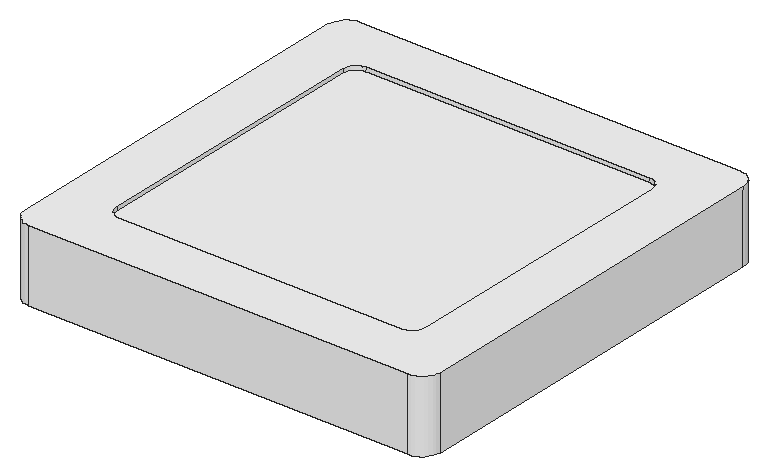
Revit family "0053319 Feilo Sylvania Lighting Fixture SYLFLAT SURFACE DIM 1400 SQ 3000K", category Lighting Fixtures, host Face, Revit 2016
Family settings
  Host = Face
  Part Type = Normal
  Round Connector Dimension = Use Diameter
  OmniClass Number = 23.80.70.00
  OmniClass Title = Lighting
  Cut with Voids When Loaded = No
  Light Source = Yes
  Shared = No
  Room Calculation Point = No
Parameters (values of type "0053319 SYLFLAT SURFACE DIM 1400 SQ 3000K")
  Width_FEILO = 226 mm
  WidthDiffuser_FEILO = if(Square_FEILO, 168 mm, Width_FEILO / 1.3294)  # 168 mm
  Weight = "8.55 kg"
  Wattage Comments = ""
  Wattage = 18 W
  WarrantyStartDate [instance] = "n/a"
  WarrantyGuarantorParts = "n/a"
  WarrantyDurationUnit = "n/a"
  WarrantyDurationParts = "n/a"
  WarrantyDescription = "n/a"
  built-in parameter 1150110 = 1 (stored number, unit not read)
  Voltage = 230 V
  URL = "http://www.feilosylvania.com"
  TypeName = "SYLFLAT SURFACE DIM 1400 SQ 3000K"
  Type Image = <None>
  Type Comments = "n/a"
  built-in parameter 1114217 = 1 (stored number, unit not read)
  Tilt Angle = -90.00°
  built-in parameter 1150109 = 1 (stored number, unit not read)
  built-in parameter 1150134 = (empty or 0)
  built-in parameter 1150113 = 1 (stored number, unit not read)
  Square_FEILO = yes
  SerialNumber [instance] = "n/a"
  Round_FEILO = not(Square_FEILO)  # no
  RadiusSquare_FEILO = 10 mm
  RadiusDiffuser_FEILO = 7 mm
  Photometric Web File = "0053319.ies"
  Material_3_FEILO = none
  PowerFactor = 0.9
  PowerConsumption = "18 W"
  NominalLength = 226 mm
  NominalHeight = 39 mm
  NominalDepth = 226 mm
  Name = "SYLFLAT SURFACE DIM 1400 SQ 3000K"
  ModelReference = Name  # "SYLFLAT SURFACE DIM 1400 SQ 3000K"
  ModelNumber = "0053319"
  Model = Name  # "SYLFLAT SURFACE DIM 1400 SQ 3000K"
  Material = "aluminium housing, polystyrene diffuser"
  ManufacturerName = "Feilo Sylvania"
  Manufacturer = "Feilo Sylvania"
  LuminousEfficacy = "63.89 lm/W"
  built-in parameter 1150105 = 404.01 (stored number, unit not read)
  Lumens = 1150.02 lm
  LuminaireType = ""
  built-in parameter 1150115 = 1 (stored number, unit not read)
  LightOutputRatio = "n/a"
  built-in parameter 1150137 = (empty or 0)
  built-in parameter 1150139 = (empty or 0)
  LampsType = Lamp  # "LED"
  LampNominalLuminous = "1150 lm"
  LampMacAdamStep = "n/a"
  LampColourTemperature = "3000 K"
  LampColourRenderingIndex = "80"
  built-in parameter 1150112 = 1 (stored number, unit not read)
  built-in parameter 1150114 = 1 (stored number, unit not read)
  Lamp = "LED"
  Keynote = "16500"
  InstallationDate [instance] = "n/a"
  InputVoltage = "220-240V~"
  InputNominalFrequency = "50/60 Hz"
  built-in parameter 1150132 = (empty or 0)
  built-in parameter 1150102 = (empty or 0)
  built-in parameter 1150107 = 3000 (stored number, unit not read)
  built-in parameter 1150138 = (empty or 0)
  IngressProtection = "IP20"
  ImpactProtectionIndex = "IK06"
  built-in parameter 1150106 = 4.0401 (stored number, unit not read)
  IfcExportType = "IfcLightFixtureType"
  IfcExportAs = "IfcLightFixtureType"
  ExpectedLife = 50000
  Emit from Circle Diameter = WidthDiffuser_FEILO  # 168 mm
  Emit Shape Visible in Rendering = no
  ElectricShockClassification = "Class II"
  built-in parameter 1150104 = 5.9356 (stored number, unit not read)
  DurationUnit = "hours"
  DocumentationLiterature = "http://www.feilosylvania.com/product/en-int/products/0053319"
  DimmingControlOptions = "Dimmable"
  Material_2_FEILO = LED-Sylvania-SylflatSurface
  Dimming Lamp Color Temperature Shift = <None>
  Description = "Integrated LED surface mounted downlight providing 1150 fixture lumens at a wattage of 18W giving a high efficacy of 64lm/W. Fitting includes Leading/Trailing edge phase dimmable driver and has a square outer dimmension of of 226x226x39mm with an IP20 and IK02 rating providing uniform distribution with an Opal diffuser and 110° beam angle. Provided including a Loop in Loop out box and built with a white aluminium housing."
  Default Elevation = 1219.2 mm
  CreatedOn = "2/15/2018"
  CreatedBy = "aron.fodor@feilosylvania.com"
  Cost = 0
  Color Filter = 16777215
  built-in parameter 1114216 [instance] = (empty or 0)
  ClassificationValue = "EF_70_80"
  ClassificationName = "Uniclass2015"
  Material_1_FEILO = Body-Sylvania-SylflatSurface-White
  BarCode [instance] = "n/a"
  built-in parameter 1114218 = 1 (stored number, unit not read)
  built-in parameter 1150133 = 10 (stored number, unit not read)
  AssetType = "Fixed"
  AssetIdentifier [instance] = "n/a"
  Assembly Code = "D5020200"
  Apparent Load = 18 VA
  Material_4_FEILO = none
Reference planes
  plane 1 "Center (Front/Back)": y = 0
  plane 2: z = 0
  plane 3 "Center (Left/Right)": x = 0
  plane 4: x = 113
  plane 5: x = -113
  plane 6: y = 113
  plane 7: y = -113
  plane 8: x = -103
  plane 9: y = 103
  plane 10: x = 103
  plane 11: y = -103
  plane 12: y = 84
  plane 13: y = -84
  plane 14: x = 84
  plane 15: x = -84
  plane 16: x = -77
  plane 17: y = 77
  plane 18: x = 77
  plane 19: y = -77
  plane 20: z = 39
  plane 21: x = -112
  plane 22: z = 38
  plane 23: z = 37
  plane 24: x = -85
Forms (mm)
  Revolve 1, solid, material "Body-Sylvania-SylflatSurface-White" <- "Material_1_FEILO", visible <- "Round_FEILO"
    sketch origin (0, 0, 0) x (1, 0, 0) y (0, 0, 1)
      loop
        line (0, 0) -> (0, 37) -> (-84, 37) -> (-84, 38)
        arc (-84, 38) -> (-84.293, 38.707) -> (-85, 39) r 1
        line (-85, 39) -> (-112, 39)
        arc (-112, 39) -> (-112.707, 38.707) -> (-113, 38) r 1
        line (-113, 38) -> (-113, 0) -> (0, 0)
      axis (0, 39) -> (0, 0)
    angle from 360 to 0
  Extrusion 2, solid, material "Body-Sylvania-SylflatSurface-White" <- "Material_1_FEILO", visible <- "Square_FEILO"
    sketch origin (0, 0, 0) x (1, 0, 0) y (0, 1, 0)
      loop
        arc (-113, -103) -> (-110.071, -110.071) -> (-103, -113) r 10
        line (-103, -113) -> (103, -113)
        arc (103, -113) -> (110.071, -110.071) -> (113, -103) r 10
        line (113, -103) -> (113, 103)
        arc (113, 103) -> (110.071, 110.071) -> (103, 113) r 10
        line (103, 113) -> (-103, 113)
        arc (-103, 113) -> (-110.071, 110.071) -> (-113, 103) r 10
        line (-113, 103) -> (-113, -103)
      loop
        arc (-77, 84) -> (-81.95, 81.95) -> (-84, 77) r 7
        line (-84, 77) -> (-84, -77)
        arc (-84, -77) -> (-81.95, -81.95) -> (-77, -84) r 7
        line (-77, -84) -> (77, -84)
        arc (77, -84) -> (81.95, -81.95) -> (84, -77) r 7
        line (84, -77) -> (84, 77)
        arc (84, 77) -> (81.95, 81.95) -> (77, 84) r 7
        line (77, 84) -> (-77, 84)
    from 0 to 39
  Extrusion 3, solid, material "Body-Sylvania-SylflatSurface-White" <- "Material_1_FEILO", visible <- "Square_FEILO"
    sketch origin (0, 0, 0) x (1, 0, 0) y (0, 1, 0)
      loop
        arc (-77, 84) -> (-81.95, 81.95) -> (-84, 77) r 7
        line (-84, 77) -> (-84, -77)
        arc (-84, -77) -> (-81.95, -81.95) -> (-77, -84) r 7
        line (-77, -84) -> (77, -84)
        arc (77, -84) -> (81.95, -81.95) -> (84, -77) r 7
        line (84, -77) -> (84, 77)
        arc (84, 77) -> (81.95, 81.95) -> (77, 84) r 7
        line (77, 84) -> (-77, 84)
    from 0 to 37
Cuts and joins
  joined: Extrusion 2, Extrusion 3
Dimensions and locks
  equal spacing: plane 5, plane 3 "Center (Left/Right)", plane 4
  equal spacing: plane 7, plane 1 "Center (Front/Back)", plane 6
  "Width_FEILO": plane 7 to plane 6
  "Width_FEILO": plane 5 to plane 4
  equal spacing: plane 11, plane 1 "Center (Front/Back)", plane 9
  "RadiusSquare_FEILO": plane 9 to plane 6
  equal spacing: plane 8, plane 3 "Center (Left/Right)", plane 10
  "RadiusSquare_FEILO": plane 5 to plane 8
  equal spacing: plane 15, plane 3 "Center (Left/Right)", plane 14
  equal spacing: plane 13, plane 1 "Center (Front/Back)", plane 12
  "WidthDiffuser_FEILO": plane 13 to plane 12
  "WidthDiffuser_FEILO": plane 15 to plane 14
  equal spacing: plane 16, plane 3 "Center (Left/Right)", plane 18
  equal spacing: plane 19, plane 1 "Center (Front/Back)", plane 17
  "RadiusDiffuser_FEILO": plane 17 to plane 12
  "RadiusDiffuser_FEILO": plane 15 to plane 16
  locked: plane 20 to plane 2 at 39
  locked: plane 20 to plane 22 at 1
  locked: plane 21 to plane 5 at 1
  locked: plane 20 to plane 23 at 2
  locked: plane 15 to plane 24 at 1
  aligned and locked: plane 2 to host face
  aligned and locked: level to host face
  aligned and locked: Revolve 1 sketch curve to plane 3 "Center (Left/Right)"
  aligned and locked: Revolve 1 sketch curve to Revolve 1 sketch curve
  aligned and locked: Revolve 1 sketch curve to plane 20
  aligned and locked: Revolve 1 sketch curve to plane 5
  aligned and locked: Revolve 1 sketch curve to level
  aligned and locked: plane 23 to Revolve 1 sketch curve
  aligned and locked: plane 21 to Revolve 1 sketch curve
  aligned and locked: plane 20 to Revolve 1 sketch curve
  aligned and locked: plane 22 to Revolve 1 sketch curve  (x2)
  aligned and locked: plane 15 to Revolve 1 sketch curve
  aligned and locked: plane 24 to Revolve 1 sketch curve
  aligned and locked: plane 11 to Extrusion 2 sketch curve  (x3)
  aligned and locked: plane 5 to Extrusion 2 sketch curve  (x2)
  aligned and locked: plane 8 to Extrusion 2 sketch curve  (x4)
  aligned and locked: plane 7 to Extrusion 2 sketch curve
  aligned and locked: plane 4 to Extrusion 2 sketch curve  (x2)
  aligned and locked: plane 10 to Extrusion 2 sketch curve  (x4)
  aligned and locked: Extrusion 2 sketch curve to plane 6
  aligned and locked: plane 9 to Extrusion 2 sketch curve  (x3)
  aligned and locked: Extrusion 2 to level
  aligned and locked: Extrusion 2 to plane 20
  aligned and locked: plane 16 to Extrusion 2 sketch curve  (x3)
  aligned and locked: plane 12 to Extrusion 2 sketch curve  (x2)
  aligned and locked: plane 14 to Extrusion 2 sketch curve
  aligned and locked: plane 15 to Extrusion 2 sketch curve
  aligned and locked: plane 18 to Extrusion 2 sketch curve  (x4)
  aligned and locked: plane 17 to Extrusion 2 sketch curve  (x4)
  aligned and locked: plane 19 to Extrusion 2 sketch curve  (x4)
  aligned and locked: plane 13 to Extrusion 2 sketch curve
  aligned and locked: Extrusion 3 sketch curve to Extrusion 2  (x4)
  aligned and locked: Extrusion 3 to level
  aligned and locked: Extrusion 3 to plane 23
  aligned and locked: plane 3 "Center (Left/Right)" to imposter light
  aligned and locked: imposter light to plane 1 "Center (Front/Back)"
  aligned and locked: imposter light to plane 23
Automatic sketch dimensions
  host sketch curve to host sketch curve = 2438.4 mm  (x2)
  Revolve 1 sketch curve to plane 3 "Center (Left/Right)" = 0 mm
  Revolve 1 sketch curve to level = 609.6 mm
  Revolve 1 sketch curve to plane 20 = 2570.058 mm
Connectors
  electrical at (0, 0, 0), driven by "Apparent Load", driven by "PowerFactor", driven by "Voltage"
    settings: index 1, voltage 230 V, apparent load 18 VA, apparent load phase1 0 VA, apparent load phase2 0 VA, apparent load phase3 0 VA, power factor 0.9, load classification "Lighting", number of poles 1, system type 30, power factor state 1, is connector primary yes, connector utility no, sub classification motor no, connector description ""
